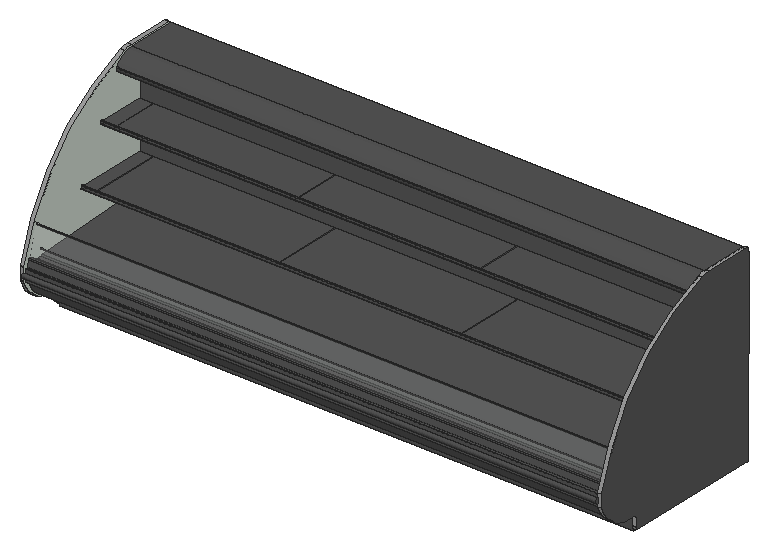
Revit family "E2_2014", category Specialty Equipment, Revit 2014
Parameters (values of type "12'-0" Length")
  Width = 144 3/8"
  Waste Drain Location = if(Width = 48 1/8", 23 7/8", if(Width = 72 1/8", 48 1/16", if(Width = 96 1/4", 71 7/8", if(Width = 144 3/8", 72 1/4", 0"))))  # 72 1/4"
  Waste Drain = 1 1/2"  # constant formula
  URL = "www.hussmann.com"
  Type Comments = "Elite"  # constant formula
  Trim = Stainless Steel
  Total Weight = Case Weight + (2 * End Weight)  # 1100.00 lbf
  Splashguard = Textured Sheet Metal (Steel Painted) - 701 Black
  Side Panel - Right [instance] = yes
  Side Panel - Left [instance] = yes
  Shelves = Sheet Metal (Steel Painted) - 701 Black
  Shelf Lights [instance] = yes
  Shelf [instance] = yes
  Revit Family Date = "05/25/2016"  # constant formula
  Refrigeration Lines Suction = 7/8"  # constant formula
  Refrigeration Lines Liquid = 3/8"  # constant formula
  Refrig. Suction = "Suction"
  Refrig. Liquid = "Liquid"
  Number of Supports = if(Width < 50", 2, if(Width < 100", 3, 4))  # 4
  Number of Shelves = 2  # constant formula
  Note from Manufacturer = "This model only comes in 4'-0\", 6'-0\", 8'-0\", and 12'-0\" lengths."
  Model URL = "http://www.hussmann.com/en/product%20viewer/display-cases/E2,%20E3"
  Model = "E2"  # constant formula
  Manufacturer Disclaimer = "The information in this file is not intended to be an exact representation of the corresponding Hussmann product.  Further, we reserve the right to change or revise specifications and product design in connection with any feature of our products. Such changes do not entitle the buyer to corresponding changes, improvements, additions, or replacements for equipment previously sold or shipped."  # constant formula
  Manufacturer = "Hussmann Corporation"  # constant formula
  Height = 48 3/4"  # constant formula
  Glazing = Glass
  Ends = Textured Sheet Metal (Steel Painted) - 701 Black
  End Weight = 50.00 lbf  # constant formula
  Description = "Self-Serve, Three-Level Display (2 Shelves Plus Bottom Deck)"  # constant formula
  Depth = 46 1/2"  # constant formula
  Cutsheet URL = "http://www.hussmann.com/en/Technical%20Documents/0453526_D_E2.pdf"
  Case Weight = if(Width = 48 1/8", 0.00 lbf, if(Width = 72 1/8", 600.00 lbf, if(Width = 96 1/4", 850.00 lbf, if(Width = 144 3/8", 1000.00 lbf, 0.00 lbf))))  # 1000.00 lbf
  Case Interior - Side Panel = Mirror
  Case Interior - Back Panel = Sheet Metal (Steel Painted) - 701 Black
  Case = Textured Sheet Metal (Steel Painted) - 701 Black
  Bumper = Extruded PVC - 701 Black
  Assembly Code = ""
  Accessories/Options = ""
Types (4): name | Width | Waste Drain Location | Total Weight | Number of Supports | Case Weight
  12'-0" Length | 144 3/8" | 72 1/4" | 1100.00 lbf | 4 | 1000.00 lbf
  8'-0" Length | 96 1/4" | 71 7/8" | 950.00 lbf | 3 | 850.00 lbf
  6'-0" Length | 72 1/8" | 48 1/16" | 700.00 lbf | 3 | 600.00 lbf
  4'-0" Length | 48 1/8" | 23 7/8" | 100.00 lbf | 2 | 0.00 lbf
Reference planes (in)
  plane 1 "Back": y = 0
  plane 2 "Bottom": z = 0
  plane 3 "Top": z = 48.75
  plane 4 "Left": x = -77.30699
  plane 5 "Front": y = -46.5
  plane 6 "Center (Left/Right)": x = -5.11949
  plane 7: x = -78.30699
  plane 8 "Right": x = 67.06801
  plane 9: x = 68.06801
  plane 10: z = 36
  plane 11: z = 24
Forms (in)
  Extrusion 1, solid, material "Metal - Copper"
    sketch origin (63.0625, 1.04319, 0) x (1, 0, 0) y (0, 1, 0)
      loop
        arc (-68.11949, -27.91819) -> (-68.64982, -28.13786) -> (-68.86949, -28.66819) r 0.75
        arc (-68.86949, -28.66819) -> (-68.64982, -29.19852) -> (-68.11949, -29.41819) r 0.75
        arc (-68.11949, -29.41819) -> (-67.58916, -29.19852) -> (-67.36949, -28.66819) r 0.75
        arc (-67.36949, -28.66819) -> (-67.58916, -28.13786) -> (-68.11949, -27.91819) r 0.75
      loop
        circle (-68.11949, -28.66819) r 0.7102
    from 5.423 to 2.937
  Extrusion 2, solid, material "Metal - Copper"
    sketch origin (57.40105, 5, -0.375) x (1, 0, 0) y (0, 1, 0)
      loop
        circle (0.85446, -35.75) r 0.41359
      loop
        circle (0.85446, -35.75) r 0.4375
    from 5.798 to 3.312
  Extrusion 3, solid, material "Metal - Copper"
    sketch origin (59.82608, 5, -0.375) x (1, 0, 0) y (0, 1, 0)
      loop
        circle (-0.94557, -35.75) r 0.17188
      loop
        circle (-0.94557, -35.75) r 0.1875
    from 5.798 to 3.312
  Extrusion 4, solid, material "Sheet Metal (Steel Painted) - 701 Black" <- "Shelves"
    sketch origin (-5.11949, 0, 0) x (0, 1, 0) y (0, 0, 1)
      loop
        line (-40.5277, 14.22713) -> (-40.48501, 13.41115) -> (-9.62922, 15.0257) -> (-9.67192, 15.84168) -> (-40.5277, 14.22713)
    from 72.1875 to -72.1875
  Extrusion 5, solid, material "Glass" <- "Glazing"
    sketch origin (-5.11949, 0, 0) x (0, 1, 0) y (0, 0, 1)
      loop
        line (-44.50959, 12.88862) -> (-44.1932, 14.68294)
        arc (-44.1932, 14.68294) -> (-43.27104, 18.17525) -> (-41.78034, 21.46531) r 21.62056
        arc (-41.78034, 21.46531) -> (-41.87149, 21.7867) -> (-42.19288, 21.69555) r 0.23622
        arc (-42.19288, 21.69555) -> (-43.71615, 18.3336) -> (-44.65846, 14.76498) r 22.093
        line (-44.65846, 14.76498) -> (-44.97485, 12.97066) -> (-44.50959, 12.88862)
      loop
        line (-40.8656, 13.23102) -> (-40.6156, 13.23102) -> (-40.6156, 15.60602)
        arc (-40.6156, 15.60602) -> (-40.7406, 15.73102) -> (-40.8656, 15.60602) r 0.125
        line (-40.8656, 15.60602) -> (-40.8656, 13.23102)
    from 72.1875 to -72.1875
  Extrusion 6, solid, material "Extruded PVC - 701 Black" <- "Bumper"
    sketch origin (-5.11949, 0, 0) x (0, 1, 0) y (0, 0, 1)
      loop
        arc (-45.96459, 12.30251) -> (-46.51809, 11.74901) -> (-45.96459, 11.19551) r 0.5535
        line (-45.96459, 11.19551) -> (-45.67609, 11.19551) -> (-45.67609, 12.30251) -> (-45.96459, 12.30251)
    from 72.1875 to -72.1875
  Extrusion 7, solid, material "Textured Sheet Metal (Steel Painted) - 701 Black" <- "Case"
    sketch origin (-5.11949, 0, 0) x (0, 1, 0) y (0, 0, 1)
      loop
        arc (-44.73721, 10.24862) -> (-41.75268, 5.96635) -> (-36.79912, 4.3209) r 8.279
        line (-36.79912, 4.3209) -> (-36.06134, 4.3209) -> (-36.06134, 4.38714) -> (-36.43529, 4.38714) -> (-36.43529, 4.854) -> (-33.93228, 4.854) -> (-33.93228, 5.326) -> (-33.43228, 5.326) -> (-33.43228, 5.423) -> (-10.24695, 5.423) -> (-3.25, 9.46027) -> (-3.25, 38.237) -> (-0.144, 38.237) -> (-0.144, 37.237) -> (0, 37.237) -> (0, 48.75) -> (-12.24462, 48.75)
        arc (-12.24462, 48.75) -> (-14.91678, 47.9915) -> (-17.01335, 46.16936) r 6.37988
        arc (-17.01335, 46.16936) -> (-17.05888, 46.08426) -> (-17.07827, 45.98971) r 0.335
        arc (-17.07827, 45.98971) -> (-16.89003, 45.25473) -> (-16.31141, 44.764) r 1.25
        arc (-16.31141, 44.764) -> (-16.2591, 44.78552) -> (-16.28063, 44.83784) r 0.04
        arc (-16.28063, 44.83784) -> (-16.54005, 44.98755) -> (-16.75297, 45.19823) r 1.17
        line (-16.75297, 45.19823) -> (-15.61991, 47.16107) -> (-12.19212, 47.16107) -> (-12.19212, 46.30658) -> (-11.03826, 45.15272) -> (-9.63916, 45.4634) -> (-9.36609, 39.631) -> (-9.60228, 39.631) -> (-9.60228, 11.262) -> (-38.9886, 11.262) -> (-38.9886, 12.43402) -> (-38.78944, 12.43402) -> (-38.78944, 13.23102) -> (-40.8656, 13.23102) -> (-40.8656, 13.99702) -> (-42.17486, 13.99702) -> (-42.17486, 14.06002) -> (-44.10112, 15.17215)
        arc (-44.10112, 15.17215) -> (-44.14857, 14.92781) -> (-44.1932, 14.68294) r 21.62056
        line (-44.1932, 14.68294) -> (-44.50959, 12.88862) -> (-44.97485, 12.97066) -> (-44.65846, 14.76498)
        arc (-44.65846, 14.76498) -> (-44.62227, 14.96484) -> (-44.58425, 15.16436) r 22.093
        line (-44.58425, 15.16436) -> (-44.64216, 15.17567)
        arc (-44.64216, 15.17567) -> (-44.68028, 14.97562) -> (-44.71657, 14.77522) r 22.152
        line (-44.71657, 14.77522) -> (-44.98681, 13.24262) -> (-45.58709, 13.24262)
        arc (-45.58709, 13.24262) -> (-45.65002, 13.21655) -> (-45.67609, 13.15362) r 0.089
        line (-45.67609, 13.15362) -> (-45.67609, 10.24862) -> (-44.73721, 10.24862)
    from 72.1875 to -72.1875
  Extrusion 8, solid, material "Textured Sheet Metal (Steel Painted) - 701 Black" <- "Splashguard"
    sketch origin (-5.11949, 0, 0) x (0, 1, 0) y (0, 0, 1)
      loop
        line (-34.62571, 0) -> (-34.07685, 0) -> (-34.07685, 4.28551) -> (-34.28029, 4.28551) -> (-34.28029, 4.854) -> (-34.93629, 4.854) -> (-34.93629, 4.783) -> (-34.35129, 4.783) -> (-34.35129, 4.28551) -> (-34.62571, 4.28551) -> (-34.62571, 0)
      loop
        line (-33.80428, 0) -> (-28.40228, 0) -> (-28.40228, 1.984) -> (-28.94928, 1.984) -> (-28.94928, 0.547) -> (-33.80428, 0.547) -> (-33.80428, 0)
    from 72.1875 to -72.1875
  Extrusion 9, solid, material "Stainless Steel"
    sketch origin (-5.11949, 0, 0) x (0, 1, 0) y (0, 0, 1)
      loop
        line (-7.63528, 2.173) -> (-7.63528, 2.102) -> (-6.76028, 2.102) -> (-6.76028, 0) -> (-4.36828, 0) -> (-4.36828, 2.102) -> (-3.49328, 2.102) -> (-3.49328, 2.173) -> (-4.43928, 2.173) -> (-4.43928, 0.071) -> (-6.68928, 0.071) -> (-6.68928, 2.173) -> (-7.63528, 2.173)
      loop
        line (-29.27728, 2.173) -> (-29.27728, 2.102) -> (-28.40228, 2.102) -> (-28.40228, 0) -> (-26.01028, 0) -> (-26.01028, 2.102) -> (-25.13528, 2.102) -> (-25.13528, 2.173) -> (-26.08128, 2.173) -> (-26.08128, 0.071) -> (-28.33128, 0.071) -> (-28.33128, 2.173) -> (-29.27728, 2.173)
    from 72.1875 to -72.1875
  Extrusion 10, solid, material "Textured Sheet Metal (Steel Painted) - 701 Black" <- "Ends", visible <- "Side Panel - Left"
    sketch origin (-77.30699, 0, 0) x (0, 1, 0) y (0, 0, 1)
      loop
        line (-45.79628, 13.502) -> (-45.79628, 10.376)
        arc (-45.79628, 10.376) -> (-42.5321, 5.84067) -> (-37.22032, 4.106) r 9
        line (-37.22032, 4.106) -> (-35.58528, 4.106)
        arc (-35.58528, 4.106) -> (-35.23173, 3.95955) -> (-35.08528, 3.606) r 0.5
        line (-35.08528, 3.606) -> (-35.08528, 1.255)
        arc (-35.08528, 1.255) -> (-34.93884, 0.90145) -> (-34.58528, 0.755) r 0.5
        line (-34.58528, 0.755) -> (-0.37528, 0.755)
        arc (-0.37528, 0.755) -> (-0.02173, 0.90145) -> (0.12472, 1.255) r 0.5
        line (0.12472, 1.255) -> (0.12472, 1.75492) -> (0.12472, 47.97508) -> (0.12472, 48.475)
        arc (0.12472, 48.475) -> (-0.02173, 48.82855) -> (-0.37528, 48.975) r 0.5
        line (-0.37528, 48.975) -> (-12.09528, 48.975)
        arc (-12.09528, 48.975) -> (-13.18629, 48.84772) -> (-14.24028, 48.53856) r 6.5
        arc (-14.24028, 48.53856) -> (-34.50974, 35.06555) -> (-45.79628, 13.502) r 49
    from 0 to -1
  Extrusion 11, solid, material "Textured Sheet Metal (Steel Painted) - 701 Black" <- "Ends", visible <- "Side Panel - Right"
    sketch origin (67.06801, 0, 0) x (0, 0, 1) y (0, -1, 0)
      loop
        line (13.502, 45.79628) -> (10.376, 45.79628)
        arc (10.376, 45.79628) -> (5.84067, 42.5321) -> (4.106, 37.22032) r 9
        line (4.106, 37.22032) -> (4.106, 35.58528)
        arc (4.106, 35.58528) -> (3.95955, 35.23173) -> (3.606, 35.08528) r 0.5
        line (3.606, 35.08528) -> (1.255, 35.08528)
        arc (1.255, 35.08528) -> (0.90145, 34.93884) -> (0.755, 34.58528) r 0.5
        line (0.755, 34.58528) -> (0.755, 0.37528)
        arc (0.755, 0.37528) -> (0.90145, 0.02173) -> (1.255, -0.12472) r 0.5
        line (1.255, -0.12472) -> (1.75492, -0.12472) -> (47.97508, -0.12472) -> (48.475, -0.12472)
        arc (48.475, -0.12472) -> (48.82855, 0.02173) -> (48.975, 0.37528) r 0.5
        line (48.975, 0.37528) -> (48.975, 12.09528)
        arc (48.975, 12.09528) -> (48.84772, 13.18629) -> (48.53856, 14.24028) r 6.5
        arc (48.53856, 14.24028) -> (35.06555, 34.50974) -> (13.502, 45.79628) r 49
    from 1 to 0
  Extrusion 12, solid, material "Sheet Metal (Steel Painted) - 701 Black" <- "Shelves", visible <- "Shelf"
    sketch origin (-77.30699, 0, 0) x (0, 1, 0) y (0, 0, 1)
      loop
        line (-21.83741, 35.38588) -> (-21.63861, 35.58468) -> (-21.67113, 35.58468) -> (-21.85367, 35.40214)
        arc (-21.85367, 35.40214) -> (-21.87002, 35.39889) -> (-21.87928, 35.41275) r 0.015
        line (-21.87928, 35.41275) -> (-21.87928, 36.058)
        arc (-21.87928, 36.058) -> (-21.81666, 36.13197) -> (-21.73337, 36.08242) r 0.075
        line (-21.73337, 36.08242) -> (-21.70589, 36.00263)
        arc (-21.70589, 36.00263) -> (-21.69203, 35.98406) -> (-21.66997, 35.977) r 0.038
        line (-21.66997, 35.977) -> (-9.83349, 35.977) -> (-9.85649, 36) -> (-21.68067, 36) -> (-21.71162, 36.0899)
        arc (-21.71162, 36.0899) -> (-21.82046, 36.15465) -> (-21.90228, 36.058) r 0.098
        line (-21.90228, 36.058) -> (-21.90228, 35.41275)
        arc (-21.90228, 35.41275) -> (-21.87882, 35.37764) -> (-21.83741, 35.38588) r 0.038
      loop
        line (-27.83741, 23.38588) -> (-27.63861, 23.58468) -> (-27.67113, 23.58468) -> (-27.85367, 23.40214)
        arc (-27.85367, 23.40214) -> (-27.87002, 23.39889) -> (-27.87928, 23.41275) r 0.015
        line (-27.87928, 23.41275) -> (-27.87928, 24.058)
        arc (-27.87928, 24.058) -> (-27.81666, 24.13197) -> (-27.73337, 24.08242) r 0.075
        line (-27.73337, 24.08242) -> (-27.70589, 24.00263)
        arc (-27.70589, 24.00263) -> (-27.69203, 23.98406) -> (-27.66997, 23.977) r 0.038
        line (-27.66997, 23.977) -> (-9.83349, 23.977) -> (-9.85649, 24) -> (-27.68067, 24) -> (-27.71162, 24.0899)
        arc (-27.71162, 24.0899) -> (-27.82046, 24.15465) -> (-27.90228, 24.058) r 0.098
        line (-27.90228, 24.058) -> (-27.90228, 23.41275)
        arc (-27.90228, 23.41275) -> (-27.87882, 23.37764) -> (-27.83741, 23.38588) r 0.038
    from 0 to 144.375
Lines and regions (in)
  reference lines
    curve 1: line (-73.80699, -46.5, 0) -> (-73.80699, 0, 0)
    curve 2: line (-5.05699, -46.5, 0) -> (-5.05699, 0, 0)
    curve 3: line (63.56801, -46.5, 0) -> (63.56801, 0, 0)
    curve 4: line (58.69301, -46.5, 0) -> (58.69301, 0, 0)
    curve 5: line (-77.30699, -27.625, 0) -> (67.06801, -27.625, 0)
    curve 6: line (67.06801, -30.75, 0) -> (-77.30699, -30.75, 0)
Dimensions and locks (in)
  equal spacing: plane 4 "Left", plane 6 "Center (Left/Right)", plane 8 "Right"
  locked: plane 7 to plane 4 "Left" at 1
  "Width": plane 4 "Left" to plane 8 "Right"
  locked: plane 4 "Left" to curve 1 at 3.5
  locked: curve 3 to plane 8 "Right" at 3.5
  "Waste Drain Location": plane 4 "Left" to curve 2
  "Depth": plane 5 "Front" to plane 1 "Back"
  locked: curve 4 to plane 8 "Right" at 8.375
  "Height": plane 3 "Top" to level
  locked: plane 1 "Back" to curve 5 at 27.625
  locked: plane 1 "Back" to curve 6 at 30.75
  locked: plane 8 "Right" to plane 9 at 1
  locked: Extrusion 1 sketch curve to Extrusion 1 sketch curve at 0.0398
  locked: Extrusion 3 sketch curve to Extrusion 3 sketch curve at 0.01562
  locked: Extrusion 2 sketch curve to Extrusion 2 sketch curve at 0.02391
  locked: level to plane 10 at 36
  locked: level to plane 11 at 24
  equal spacing: group 1, group 3, group 4, group 2  (x3)
  "Waste Drain": diameter of Extrusion 1 sketch curve
  "Refrigeration Lines Liquid": diameter of Extrusion 3 sketch curve
  "Refrigeration Lines Suction": diameter of Extrusion 2 sketch curve
  aligned and locked: plane 5 "Front" to curve 2
  aligned and locked: plane 5 "Front" to curve 3
  aligned and locked: plane 5 "Front" to curve 1
  aligned and locked: plane 4 "Left" to curve 5
  aligned and locked: plane 4 "Left" to curve 6
  aligned and locked: plane 8 "Right" to curve 6
  aligned and locked: plane 8 "Right" to curve 5
  aligned and locked: curve 6 to Extrusion 3 sketch curve  (x4)
  aligned and locked: curve 6 to Extrusion 2 sketch curve  (x4)
  aligned and locked: curve 5 to Extrusion 1 sketch curve  (x3)
  aligned and locked: curve 2 to Extrusion 1 sketch curve
  aligned and locked: curve 4 to Extrusion 3 sketch curve
  aligned and locked: curve 4 to Extrusion 2 sketch curve
  aligned and locked: Extrusion 4 to plane 4 "Left"
  aligned and locked: plane 8 "Right" to Extrusion 4
  aligned and locked: Extrusion 5 to plane 4 "Left"
  aligned and locked: plane 8 "Right" to Extrusion 5
  aligned and locked: Extrusion 6 to plane 4 "Left"
  aligned and locked: plane 8 "Right" to Extrusion 6
  aligned and locked: Extrusion 7 to plane 4 "Left"
  aligned and locked: plane 8 "Right" to Extrusion 7
  aligned and locked: Extrusion 8 to plane 4 "Left"
  aligned and locked: plane 8 "Right" to Extrusion 8
  aligned and locked: Extrusion 9 to plane 4 "Left"
  aligned and locked: plane 8 "Right" to Extrusion 9
  aligned and locked: plane 4 "Left" to nested 1
  aligned and locked: plane 4 "Left" to nested 2
  aligned and locked: plane 7 to Extrusion 10
  aligned and locked: plane 4 "Left" to Extrusion 10
  aligned and locked: plane 9 to Extrusion 11
  aligned and locked: Extrusion 11 to plane 8 "Right"
  aligned and locked: Extrusion 7 to nested 3
  aligned and locked: Extrusion 7 to nested 4
  aligned and locked: curve 1 to nested 4
  aligned and locked: curve 1 to nested 3
  aligned and locked: plane 8 "Right" to Extrusion 12
  aligned and locked: Extrusion 12 to plane 4 "Left"
  aligned and locked: curve 3 to nested 6
  aligned and locked: curve 3 to nested 5
  aligned and locked: plane 1 "Back" to nested 7
  aligned and locked: curve 1 to nested 7
  aligned and locked: plane 4 "Left" to nested 9
  aligned and locked: plane 4 "Left" to nested 10
Automatic sketch dimensions
  plane 5 "Front" to Extrusion 4 sketch curve = 5.9723"
  Extrusion 4 sketch curve to Extrusion 4 sketch curve = 0.0427"
  plane 1 "Back" to Extrusion 4 sketch curve = 9.67192"
  level to Extrusion 4 sketch curve = 13.41115"
  Extrusion 4 sketch curve to Extrusion 4 sketch curve = 0.81598"
  Extrusion 5 sketch curve to Extrusion 5 sketch curve = 0"  (x4)
  plane 5 "Front" to Extrusion 5 sketch curve = 1.52515"
  Extrusion 5 sketch curve to Extrusion 5 sketch curve = 81/256"
  plane 5 "Front" to Extrusion 5 sketch curve = 4.51339"
  level to Extrusion 5 sketch curve = 10.92857"
  Extrusion 5 sketch curve to Extrusion 5 sketch curve = 21/256"  (x2)
  Extrusion 5 sketch curve to Extrusion 5 sketch curve = 6.89749"
  Extrusion 5 sketch curve to Extrusion 5 sketch curve = 1/8"
  Extrusion 5 sketch curve to Extrusion 5 sketch curve = 2 3/8"
  Extrusion 5 sketch curve to Extrusion 5 sketch curve = 0.46526"
  Extrusion 5 sketch curve to Extrusion 5 sketch curve = 3.3276"
  Extrusion 5 sketch curve to Extrusion 5 sketch curve = 0.34241"
  Extrusion 5 sketch curve to Extrusion 5 sketch curve = 17.71449"
  level to Extrusion 5 sketch curve = 12.88862"
  plane 5 "Front" to Extrusion 6 sketch curve = 0.53541"
  level to Extrusion 6 sketch curve = 11.19551"
  Extrusion 6 sketch curve to Extrusion 6 sketch curve = 0.5535"
  Extrusion 6 sketch curve to Extrusion 6 sketch curve = 0.2885"
  plane 5 "Front" to Extrusion 7 sketch curve = 1.76279"
  Extrusion 7 sketch curve to Extrusion 7 sketch curve = 7.93809"
  Extrusion 7 sketch curve to Extrusion 7 sketch curve = 2.35128"
  plane 5 "Front" to Extrusion 7 sketch curve = 0.82391"
  Extrusion 7 sketch curve to Extrusion 7 sketch curve = 2.905"
  Extrusion 7 sketch curve to Extrusion 7 sketch curve = 0.089"
  Extrusion 7 sketch curve to Extrusion 7 sketch curve = 0.60029"
  Extrusion 7 sketch curve to Extrusion 7 sketch curve = 0.27024"
  Extrusion 7 sketch curve to Extrusion 7 sketch curve = 1.5326"
  level to Extrusion 7 sketch curve = 10.92857"
  Extrusion 7 sketch curve to Extrusion 7 sketch curve = 0.07441"
  Extrusion 7 sketch curve to Extrusion 7 sketch curve = 0.05791"
  Extrusion 7 sketch curve to Extrusion 7 sketch curve = 0.01131"
  Extrusion 7 sketch curve to Extrusion 7 sketch curve = 0"  (x9)
  Extrusion 7 sketch curve to Extrusion 7 sketch curve = 0.0581"
  Extrusion 7 sketch curve to Extrusion 7 sketch curve = 0.01196"
  Extrusion 7 sketch curve to Extrusion 7 sketch curve = 0.27196"
  Extrusion 7 sketch curve to Extrusion 7 sketch curve = 0.46526"  (x2)
  Extrusion 7 sketch curve to Extrusion 7 sketch curve = 0.48313"
  Extrusion 7 sketch curve to Extrusion 7 sketch curve = 2.01834"
  Extrusion 7 sketch curve to Extrusion 7 sketch curve = 0.62291"
  Extrusion 7 sketch curve to Extrusion 7 sketch curve = 1.30926"
  Extrusion 7 sketch curve to Extrusion 7 sketch curve = 0.063"
  Extrusion 7 sketch curve to Extrusion 7 sketch curve = 0.766"
  Extrusion 7 sketch curve to Extrusion 7 sketch curve = 0.797"
  Extrusion 7 sketch curve to Extrusion 7 sketch curve = 0.19916"
  Extrusion 7 sketch curve to Extrusion 7 sketch curve = 1.17202"
  plane 1 "Back" to Extrusion 7 sketch curve = 9.60228"
  plane 3 "Top" to Extrusion 7 sketch curve = 9.119"
  plane 3 "Top" to Extrusion 7 sketch curve = 3.59728"
  Extrusion 7 sketch curve to Extrusion 7 sketch curve = 1.3991"
  plane 3 "Top" to Extrusion 7 sketch curve = 2.44342"
  Extrusion 7 sketch curve to Extrusion 7 sketch curve = 1.15386"
  Extrusion 7 sketch curve to Extrusion 7 sketch curve = 0.8545"
  Extrusion 7 sketch curve to Extrusion 7 sketch curve = 3.42779"
  plane 3 "Top" to Extrusion 7 sketch curve = 3.55177"
  Extrusion 7 sketch curve to Extrusion 7 sketch curve = 1.13306"
  Extrusion 7 sketch curve to Extrusion 7 sketch curve = 0.92263"
  Extrusion 7 sketch curve to Extrusion 7 sketch curve = 0.71948"
  Extrusion 7 sketch curve to Extrusion 7 sketch curve = 0.47234"
  Extrusion 7 sketch curve to Extrusion 7 sketch curve = 0.01539"  (x2)
  Extrusion 7 sketch curve to Extrusion 7 sketch curve = 0.3253"
  Extrusion 7 sketch curve to Extrusion 7 sketch curve = 0.33444"
  Extrusion 7 sketch curve to Extrusion 7 sketch curve = 0.06492"
  plane 3 "Top" to Extrusion 7 sketch curve = 0"
  Extrusion 7 sketch curve to Extrusion 7 sketch curve = 0.8421"
  Extrusion 7 sketch curve to plane 1 "Back" = 0"
  Extrusion 7 sketch curve to Extrusion 7 sketch curve = 2.394"
  plane 1 "Back" to Extrusion 7 sketch curve = 0.144"
  Extrusion 7 sketch curve to Extrusion 7 sketch curve = 1"
  Extrusion 7 sketch curve to Extrusion 7 sketch curve = 3.106"
  Extrusion 7 sketch curve to Extrusion 7 sketch curve = 3.36684"
  Extrusion 7 sketch curve to Extrusion 7 sketch curve = 1.0051"
  Extrusion 7 sketch curve to Extrusion 7 sketch curve = 1.80173"
  Extrusion 7 sketch curve to Extrusion 7 sketch curve = 1/2"
  Extrusion 7 sketch curve to Extrusion 7 sketch curve = 0.472"
  Extrusion 7 sketch curve to Extrusion 7 sketch curve = 3.003"
  Extrusion 7 sketch curve to Extrusion 7 sketch curve = 0.06624"
  Extrusion 7 sketch curve to Extrusion 7 sketch curve = 0.37395"
  Extrusion 7 sketch curve to Extrusion 7 sketch curve = 10.53118"
  Extrusion 7 sketch curve to Extrusion 7 sketch curve = 0.64467"
  level to Extrusion 7 sketch curve = 5.423"
  Extrusion 7 sketch curve to Extrusion 7 sketch curve = 4.03727"
  Extrusion 7 sketch curve to Extrusion 7 sketch curve = 1.877"
  Extrusion 7 sketch curve to Extrusion 7 sketch curve = 0.2362"
  Extrusion 7 sketch curve to Extrusion 7 sketch curve = 7.15068"
  Extrusion 7 sketch curve to Extrusion 7 sketch curve = 0.31068"
  Extrusion 9 sketch curve to level = 0"  (x2)
  level to Extrusion 9 sketch curve = 2.173"  (x2)
  plane 5 "Front" to Extrusion 9 sketch curve = 17.22272"
  Extrusion 9 sketch curve to Extrusion 9 sketch curve = 7/8"  (x4)
  Extrusion 9 sketch curve to Extrusion 9 sketch curve = 0.071"  (x8)
  Extrusion 9 sketch curve to Extrusion 9 sketch curve = 2 1/4"  (x2)
  plane 1 "Back" to Extrusion 9 sketch curve = 7.63528"
  level to Extrusion 9 sketch curve = 0.071"  (x2)
  Extrusion 9 sketch curve to Extrusion 9 sketch curve = 2.031"
  level to Extrusion 9 sketch curve = 2.102"
  Extrusion 8 sketch curve to level = 0"  (x2)
  level to Extrusion 8 sketch curve = 4.783"
  plane 5 "Front" to Extrusion 8 sketch curve = 11.56371"
  Extrusion 8 sketch curve to Extrusion 8 sketch curve = 0.31058"
  Extrusion 8 sketch curve to Extrusion 8 sketch curve = 0.27442"
  Extrusion 8 sketch curve to Extrusion 8 sketch curve = 0.071"  (x2)
  Extrusion 8 sketch curve to Extrusion 8 sketch curve = 0.54886"
  Extrusion 8 sketch curve to Extrusion 8 sketch curve = 0.27257"
  level to Extrusion 8 sketch curve = 0.547"
  Extrusion 8 sketch curve to Extrusion 8 sketch curve = 4.855"
  Extrusion 8 sketch curve to Extrusion 8 sketch curve = 0.547"
  Extrusion 8 sketch curve to Extrusion 8 sketch curve = 1.437"
  Extrusion 8 sketch curve to Extrusion 8 sketch curve = 0.49749"
  Extrusion 8 sketch curve to Extrusion 8 sketch curve = 0"
  plane 5 "Front" to Extrusion 10 sketch curve = 0.70372"
  Extrusion 10 sketch curve to Extrusion 10 sketch curve = 8.57596"
  Extrusion 10 sketch curve to Extrusion 10 sketch curve = 1.63504"
  Extrusion 10 sketch curve to Extrusion 10 sketch curve = 1/2"  (x2)
  Extrusion 10 sketch curve to plane 3 "Top" = 0.225"
  plane 1 "Back" to Extrusion 10 sketch curve = 12.09528"
  Extrusion 10 sketch curve to Extrusion 10 sketch curve = 0.205"
  plane 1 "Back" to Extrusion 10 sketch curve = 0.37528"  (x2)
  Extrusion 10 sketch curve to plane 1 "Back" = 0.12472"
  Extrusion 10 sketch curve to Extrusion 10 sketch curve = 1.77502"
  Extrusion 10 sketch curve to Extrusion 10 sketch curve = 0.49992"  (x2)
  plane 3 "Top" to Extrusion 10 sketch curve = 6.27177"
  level to Extrusion 10 sketch curve = 13.502"
  Extrusion 10 sketch curve to Extrusion 10 sketch curve = 0.396"
  Extrusion 10 sketch curve to Extrusion 10 sketch curve = 3.126"
  level to Extrusion 10 sketch curve = 2.27302"
  level to Extrusion 10 sketch curve = 1.75492"
  level to Extrusion 11 sketch curve = 0.755"
  Extrusion 11 sketch curve to Extrusion 11 sketch curve = 1/2"  (x3)
  Extrusion 11 sketch curve to plane 1 "Back" = 0.12472"
  Extrusion 11 sketch curve to Extrusion 11 sketch curve = 0.49992"
  Extrusion 11 sketch curve to Extrusion 11 sketch curve = 0.5181"
  Extrusion 11 sketch curve to Extrusion 11 sketch curve = 2.351"
  plane 5 "Front" to Extrusion 11 sketch curve = 0.70372"
  level to Extrusion 11 sketch curve = 10.376"
  Extrusion 11 sketch curve to Extrusion 11 sketch curve = 9"
  Extrusion 11 sketch curve to Extrusion 11 sketch curve = 3.126"
  plane 3 "Top" to Extrusion 11 sketch curve = 6.27177"
  plane 3 "Top" to Extrusion 11 sketch curve = 0.77492"
  plane 3 "Top" to Extrusion 11 sketch curve = 0.275"
  Extrusion 11 sketch curve to plane 3 "Top" = 0.225"
  Extrusion 11 sketch curve to Extrusion 11 sketch curve = 1.77502"
  plane 1 "Back" to Extrusion 11 sketch curve = 11.89028"
  Extrusion 11 sketch curve to Extrusion 11 sketch curve = 0.205"
  Extrusion 11 sketch curve to Extrusion 11 sketch curve = 2.63504"
  Extrusion 12 sketch curve to Extrusion 12 sketch curve = 0"  (x8)
  plane 11 to Extrusion 12 sketch curve = 0"
  plane 10 to Extrusion 12 sketch curve = 0"
  plane 11 to Extrusion 12 sketch curve = 0.58725"
  plane 5 "Front" to Extrusion 12 sketch curve = 18.59772"
  Extrusion 12 sketch curve to Extrusion 12 sketch curve = 0.023"  (x4)
  Extrusion 12 sketch curve to Extrusion 12 sketch curve = 0.015"  (x2)
  plane 11 to Extrusion 12 sketch curve = 0.59786"
  plane 11 to Extrusion 12 sketch curve = 0.61412"
  Extrusion 12 sketch curve to plane 11 = 0.058"
  Extrusion 12 sketch curve to Extrusion 12 sketch curve = 0.075"  (x2)
  Extrusion 12 sketch curve to plane 11 = 0.08242"
  Extrusion 12 sketch curve to plane 11 = 0.0899"
  Extrusion 12 sketch curve to plane 11 = 0.00263"
  Extrusion 12 sketch curve to Extrusion 12 sketch curve = 0.02747"  (x2)
  Extrusion 12 sketch curve to Extrusion 12 sketch curve = 0.02523"  (x2)
  plane 11 to Extrusion 12 sketch curve = 0.41532"
  Extrusion 12 sketch curve to Extrusion 12 sketch curve = 0.18254"  (x3)
  Extrusion 12 sketch curve to Extrusion 12 sketch curve = 0.0107"  (x2)
  Extrusion 12 sketch curve to Extrusion 12 sketch curve = 0.03253"  (x2)
  Extrusion 12 sketch curve to plane 10 = 0.058"
  Extrusion 12 sketch curve to Extrusion 12 sketch curve = 5.80934"
  plane 10 to Extrusion 12 sketch curve = 0.59786"
  Extrusion 12 sketch curve to Extrusion 12 sketch curve = 0.01061"
  plane 10 to Extrusion 12 sketch curve = 0.61412"
  Extrusion 12 sketch curve to plane 10 = 0.08242"
  Extrusion 12 sketch curve to plane 10 = 0.0899"
  Extrusion 12 sketch curve to plane 10 = 0.00263"
  Extrusion 12 sketch curve to Extrusion 12 sketch curve = 17.78212"
  plane 1 "Back" to Extrusion 12 sketch curve = 9.85649"
  plane 10 to Extrusion 12 sketch curve = 0.023"
  plane 11 to Extrusion 12 sketch curve = 0.023"
  Extrusion 1 sketch curve to Extrusion 1 sketch curve = 0"  (x2)
  Extrusion 2 sketch curve to Extrusion 2 sketch curve = 0"
  Extrusion 3 sketch curve to Extrusion 3 sketch curve = 0"
  curve 4 to plane 5 "Front" = 0"
  plane 1 "Back" to curve 4 = 0"
  plane 1 "Back" to curve 1 = 0"
  plane 1 "Back" to curve 3 = 0"
  plane 1 "Back" to curve 2 = 0"
Nested families (in)
  nested 1: "Light" at (-5.30699, -6.42449, -5.33893), type "Light"
    with Length 144 3/8"
  nested 2: "Light" at (-5.30699, -4.42449, -5.33893), type "Light"
    with Length 144 3/8"
  nested 3: "Shelf - E Series" at (-73.93199, -9.60228, 19.08109), visible <- "Shelf", type "18""
    with Depth 18"
  nested 4: "Shelf - E Series" at (-73.93199, -9.60228, 31.08109), visible <- "Shelf", type "12""
  nested 5: "Shelf - E Series" at (63.44301, -9.60228, 19.08109), visible <- "Shelf", type "18""
    with Depth 18"
  nested 6: "Shelf - E Series" at (63.44301, -9.60228, 31.08109), visible <- "Shelf", type "12""
  nested 7: "Cross Member - E Series" at (-72.3125, 0.34772, 0), type "Cross Member - E Series"
  nested 8: "Cross Member - E Series" at (65.0625, 0.34772, 0), type "Cross Member - E Series"
  nested 9: "Light" at (-5.30699, -11.97829, -17.0215), visible <- "Shelf Lights", type "Light"
    with Length 144 3/8"
  nested 10: "Light" at (-5.30699, -17.97829, -29.0215), visible <- "Shelf Lights", type "Light"
    with Length 144 3/8"
  nested 11: "Shelf - E Series" at (-28.14032, -9.60228, 19.08109), visible <- "Shelf", type "18""
    with Depth 18"
  nested 12: "Shelf - E Series" at (-28.14032, -9.60228, 31.08109), visible <- "Shelf", type "12""
  nested 13: "Cross Member - E Series" at (-26.52083, 0.34772, 0), type "Cross Member - E Series"
  nested 14: "Shelf - E Series" at (17.65135, -9.60228, 19.08109), visible <- "Shelf", type "18""
    with Depth 18"
  nested 15: "Shelf - E Series" at (17.65135, -9.60228, 31.08109), visible <- "Shelf", type "12""
  nested 16: "Cross Member - E Series" at (19.27083, 0.34772, 0), type "Cross Member - E Series"
Connectors (in)
  piping at (-5.05699, -27.625, 2.937), diameter 1.5, driven by "Waste Drain"
    settings: on Extrusion 1, index 8, connector inside diameter 1 1/4", connector length 0", flow factor 0, pipe flow 0 GPM, pressure drop 0.00 psi, fitting loss kfactor 0, connector angle 0.00°, fixture units 0, engagement length 0", angle of deflection 0.00°, flow configuration 0, flow direction 0, fitting loss method 0, system type 16, joint type 0, gender type 0, connector reference index -1, connector utility 0, adjustable connector no, is connector primary yes, connector description "1 1/4\""
  piping at (58.25551, -30.75, 2.937), diameter 0.875, driven by "Refrig. Suction", driven by "Refrigeration Lines Suction"
    settings: on Extrusion 2, index 9, connector inside diameter 7/8", connector length 0", flow factor 0, pipe flow 0 GPM, pressure drop 0.00 psi, fitting loss kfactor 0, connector angle 0.00°, fixture units 0, engagement length 0", angle of deflection 0.00°, flow configuration 0, flow direction 2, fitting loss method 0, system type 22, joint type 0, gender type 0, connector reference index -1, connector utility 0, adjustable connector no, is connector primary no, connector description "Suction"
  piping at (58.88051, -30.75, 2.937), diameter 0.375, driven by "Refrig. Liquid", driven by "Refrigeration Lines Liquid"
    settings: on Extrusion 3, index 10, connector inside diameter 3/8", connector length 0", flow factor 0, pipe flow 0 GPM, pressure drop 0.00 psi, fitting loss kfactor 0, connector angle 0.00°, fixture units 0, engagement length 0", angle of deflection 0.00°, flow configuration 0, flow direction 1, fitting loss method 0, system type 22, joint type 0, gender type 0, connector reference index -1, connector utility 0, adjustable connector no, is connector primary no, connector description "Liquid"
Definition of nested family "Shelf - E Series"
  Parameters (values of type "18"")
    Width = 1/4"
    Shelf Bracket = Sheet Metal (Steel Painted) - 701 Black
    Height = 4.89591"
    Depth = 12"
  Types (2): name
    18"
    12"
  Reference planes (in)
    plane 1 "Back": y = 0
    plane 2: z = 0
    plane 3 "Left": x = 0
    plane 4 "Front": y = -12
    plane 5 "Right": x = 0.25
    plane 6: z = 4.89591
    plane 7 "Center (Left/Right)": x = 0.125
  Forms (in)
    Extrusion 1, solid, material "Sheet Metal (Steel Painted) - 701 Black" <- "Shelf Bracket"
      sketch origin (0, 0, 0) x (0, 1, 0) y (0, 0, 1)
        loop
          line (0.07326, 0.26836) -> (0.18143, 0.26875)
          arc (0.18143, 0.26875) -> (0.3025, 0.36199) -> (0.24317, 0.50282) r 0.12517
          line (0.24317, 0.50282) -> (-0.04494, 0.66605)
          arc (-0.04494, 0.66605) -> (-0.07187, 0.69679) -> (-0.07382, 0.7376) r 0.062
          line (-0.07382, 0.7376) -> (0.10406, 1.33811) -> (0.09305, 2.59922) -> (0.01772, 3.20416)
          arc (0.01772, 3.20416) -> (0.03288, 3.25348) -> (0.07981, 3.27494) r 0.063
          line (0.07981, 3.27494) -> (0.15806, 3.27547) -> (0.15929, 3.09434) -> (0.56271, 3.06679) -> (0.68212, 3.03122) -> (0.63408, 2.86666) -> (1.2983, 2.73359) -> (1.40516, 2.66752) -> (1.32096, 2.53134) -> (1.94726, 2.21454) -> (2.03229, 2.12435) -> (1.91623, 2.01494)
          arc (1.91623, 2.01494) -> (2.32601, 2.00181) -> (2.34025, 2.41156) r 0.2903
          arc (2.34025, 2.41156) -> (1.62913, 3.00885) -> (0.79406, 3.41517) r 3.78823
          arc (0.79406, 3.41517) -> (0.76115, 3.40549) -> (0.74067, 3.43301) r 0.03
          arc (0.74067, 3.43301) -> (0.42541, 3.52091) -> (0.10373, 3.58126) r 3.78823
          arc (0.10373, 3.58126) -> (0.02969, 3.62316) -> (-0.00038, 3.70274) r 0.125
          line (-0.00038, 3.70274) -> (-0.01867, 4.21036)
          arc (-0.01867, 4.21036) -> (-0.00134, 4.25606) -> (0.04347, 4.27562) r 0.063
          line (0.04347, 4.27562) -> (0.14916, 4.277) -> (0.15148, 4.09933) -> (0.8496, 4.03037) -> (0.96839, 3.99481) -> (0.92223, 3.84061) -> (1.16715, 3.78222)
          arc (1.16715, 3.78222) -> (1.31884, 3.92198) -> (1.24674, 4.11523) r 0.18489
          arc (1.24674, 4.11523) -> (0.5579, 4.49791) -> (-0.2, 4.71364) r 3.43695
          arc (-0.2, 4.71364) -> (-0.21607, 4.71919) -> (-0.23121, 4.72694) r 0.121
          line (-0.23121, 4.72694) -> (-0.23121, 4.89591) -> (-12, 4.89591) -> (-12, 4.52233)
          spline (-12, 4.52233) -> (-11.99893, 4.50603) -> (-11.99574, 4.49) -> (-11.99049, 4.47453) -> (-11.98325, 4.45987) -> (-11.97417, 4.44628) -> (-11.96339, 4.434) -> (-11.9511, 4.42322) -> (-11.9375, 4.41415) -> (-11.92284, 4.40692) -> (-11.90735, 4.40167) -> (-11.89132, 4.39848) -> (-11.875, 4.39741)
          line (-11.875, 4.39741) -> (-10.09303, 4.39741)
          spline (-10.09303, 4.39741) -> (-10.07672, 4.39634) -> (-10.06068, 4.39315) -> (-10.0452, 4.3879) -> (-10.03053, 4.38067) -> (-10.01694, 4.37159) -> (-10.00465, 4.36082) -> (-9.99387, 4.34853) -> (-9.98478, 4.33495) -> (-9.97755, 4.32029) -> (-9.9723, 4.30482) -> (-9.96911, 4.28879) -> (-9.96804, 4.27249)
          line (-9.96804, 4.27249) -> (-9.96804, 3.92271)
          spline (-9.96804, 3.92271) -> (-9.96697, 3.9064) -> (-9.96378, 3.89037) -> (-9.95852, 3.8749) -> (-9.95129, 3.86025) -> (-9.94221, 3.84666) -> (-9.93142, 3.83437) -> (-9.91913, 3.8236) -> (-9.90554, 3.81452) -> (-9.89087, 3.80729) -> (-9.87539, 3.80204) -> (-9.85935, 3.79885) -> (-9.84304, 3.79779)
          line (-9.84304, 3.79779) -> (-3.71618, 3.79779)
          arc (-3.71618, 3.79779) -> (-2.98005, 3.43429) -> (-2.45199, 2.80567) r 1.99996
          line (-2.45199, 2.80567) -> (-1.47212, 0.97726)
          arc (-1.47212, 0.97726) -> (-1.05125, 0.43902) -> (-0.47377, 0.07386) r 1.99996
          line (-0.47377, 0.07386) -> (-0.29521, 0) -> (-0.24369, 0.17221) -> (0.07446, 0.09812) -> (0.07326, 0.26836)
      from 0 to 0.25
  Dimensions and locks (in)
    "Depth": plane 4 "Front" to plane 1 "Back"
    locked: Extrusion 1 sketch curve to plane 1 "Back" at 3.71618
    locked: plane 4 "Front" to Extrusion 1 sketch curve at 2.03196
    "Width": plane 5 "Right" to plane 3 "Left"
    "Height": plane 6 to level
    equal spacing: plane 3 "Left", plane 7 "Center (Left/Right)", plane 5 "Right"
    aligned and locked: plane 2 to level
    aligned and locked: Extrusion 1 to plane 3 "Left"
    aligned and locked: plane 5 "Right" to Extrusion 1
    aligned and locked: Extrusion 1 sketch curve to plane 4 "Front"
  Automatic sketch dimensions
    Extrusion 1 sketch curve to Extrusion 1 sketch curve = 0"  (x2)
    Extrusion 1 sketch curve to level = 0"
    Extrusion 1 sketch curve to plane 4 "Front" = 1/8"
    Extrusion 1 sketch curve to Extrusion 1 sketch curve = 1/8"  (x2)
    Extrusion 1 sketch curve to Extrusion 1 sketch curve = 0.49859"
    Extrusion 1 sketch curve to Extrusion 1 sketch curve = 1.26419"
    plane 1 "Back" to Extrusion 1 sketch curve = 1.47212"
    plane 1 "Back" to Extrusion 1 sketch curve = 0.75578"
    level to Extrusion 1 sketch curve = 0.07386"
    plane 1 "Back" to Extrusion 1 sketch curve = 0.47377"
    Extrusion 1 sketch curve to Extrusion 1 sketch curve = 0.0404"
    Extrusion 1 sketch curve to Extrusion 1 sketch curve = 0.17856"
    Extrusion 1 sketch curve to Extrusion 1 sketch curve = 0.05152"
    plane 1 "Back" to Extrusion 1 sketch curve = 0.07382"
    plane 1 "Back" to Extrusion 1 sketch curve = 0.04494"
    plane 1 "Back" to Extrusion 1 sketch curve = 0.01867"
    plane 1 "Back" to Extrusion 1 sketch curve = 0.01438"
    plane 1 "Back" to Extrusion 1 sketch curve = 0.00038"
    Extrusion 1 sketch curve to plane 1 "Back" = 0.01772"
    Extrusion 1 sketch curve to plane 1 "Back" = 0.04347"
    Extrusion 1 sketch curve to plane 1 "Back" = 0.04429"
    Extrusion 1 sketch curve to plane 1 "Back" = 0.07326"
    Extrusion 1 sketch curve to plane 1 "Back" = 0.07446"
    Extrusion 1 sketch curve to plane 1 "Back" = 0.07981"
    Extrusion 1 sketch curve to Extrusion 1 sketch curve = 1/16"
    Extrusion 1 sketch curve to plane 1 "Back" = 0.09305"
    Extrusion 1 sketch curve to plane 1 "Back" = 0.10406"
    Extrusion 1 sketch curve to plane 1 "Back" = 0.1246"
    Extrusion 1 sketch curve to Extrusion 1 sketch curve = 0.10569"
    Extrusion 1 sketch curve to plane 1 "Back" = 0.15148"
    Extrusion 1 sketch curve to Extrusion 1 sketch curve = 0.07825"
    Extrusion 1 sketch curve to Extrusion 1 sketch curve = 0.07905"
    Extrusion 1 sketch curve to Extrusion 1 sketch curve = 0.10816"
    Extrusion 1 sketch curve to Extrusion 1 sketch curve = 0.00004"
    Extrusion 1 sketch curve to Extrusion 1 sketch curve = 0.0617"
    Extrusion 1 sketch curve to plane 1 "Back" = 0.29066"
    Extrusion 1 sketch curve to Extrusion 1 sketch curve = 0.40342"
    Extrusion 1 sketch curve to Extrusion 1 sketch curve = 0.07136"
    Extrusion 1 sketch curve to Extrusion 1 sketch curve = 0.11941"
    Extrusion 1 sketch curve to Extrusion 1 sketch curve = 0.08854"
    Extrusion 1 sketch curve to Extrusion 1 sketch curve = 0.07895"
    Extrusion 1 sketch curve to Extrusion 1 sketch curve = 0.07263"
    Extrusion 1 sketch curve to Extrusion 1 sketch curve = 0.11879"
    Extrusion 1 sketch curve to Extrusion 1 sketch curve = 0.17062"
    Extrusion 1 sketch curve to Extrusion 1 sketch curve = 0.02814"
    Extrusion 1 sketch curve to Extrusion 1 sketch curve = 0.66423"
    Extrusion 1 sketch curve to Extrusion 1 sketch curve = 0.02266"
    Extrusion 1 sketch curve to Extrusion 1 sketch curve = 0.10686"
    Extrusion 1 sketch curve to Extrusion 1 sketch curve = 0.59526"
    Extrusion 1 sketch curve to Extrusion 1 sketch curve = 0.03103"
    Extrusion 1 sketch curve to Extrusion 1 sketch curve = 0.08503"
    Extrusion 1 sketch curve to Extrusion 1 sketch curve = 0.09542"
    Extrusion 1 sketch curve to level = 0.16869"
    level to Extrusion 1 sketch curve = 0.09812"
    level to Extrusion 1 sketch curve = 0.17221"
    Extrusion 1 sketch curve to Extrusion 1 sketch curve = 0.17024"
    Extrusion 1 sketch curve to Extrusion 1 sketch curve = 0.00039"
    Extrusion 1 sketch curve to Extrusion 1 sketch curve = 0.12517"
    Extrusion 1 sketch curve to Extrusion 1 sketch curve = 0.16323"
    Extrusion 1 sketch curve to Extrusion 1 sketch curve = 0.05394"
    level to Extrusion 1 sketch curve = 0.97726"
    Extrusion 1 sketch curve to Extrusion 1 sketch curve = 0.34466"
    Extrusion 1 sketch curve to Extrusion 1 sketch curve = 0.58386"
    level to Extrusion 1 sketch curve = 1.86097"
    Extrusion 1 sketch curve to Extrusion 1 sketch curve = 0.09298"
    Extrusion 1 sketch curve to Extrusion 1 sketch curve = 0.1094"
    Extrusion 1 sketch curve to Extrusion 1 sketch curve = 0.08948"
    Extrusion 1 sketch curve to Extrusion 1 sketch curve = 0.09019"
    Extrusion 1 sketch curve to Extrusion 1 sketch curve = 0.3168"
    Extrusion 1 sketch curve to Extrusion 1 sketch curve = 0.67726"
    Extrusion 1 sketch curve to Extrusion 1 sketch curve = 0.13618"
    Extrusion 1 sketch curve to Extrusion 1 sketch curve = 0.06608"
    Extrusion 1 sketch curve to Extrusion 1 sketch curve = 0.9447"
    Extrusion 1 sketch curve to Extrusion 1 sketch curve = 0.26744"
    Extrusion 1 sketch curve to Extrusion 1 sketch curve = 0.16455"
    Extrusion 1 sketch curve to Extrusion 1 sketch curve = 0.03558"
    Extrusion 1 sketch curve to Extrusion 1 sketch curve = 0.02755"
    Extrusion 1 sketch curve to Extrusion 1 sketch curve = 0.10981"
    Extrusion 1 sketch curve to Extrusion 1 sketch curve = 0.00778"
    Extrusion 1 sketch curve to Extrusion 1 sketch curve = 0.40272"
    Extrusion 1 sketch curve to Extrusion 1 sketch curve = 0.4278"
    Extrusion 1 sketch curve to Extrusion 1 sketch curve = 0.00177"
    Extrusion 1 sketch curve to Extrusion 1 sketch curve = 0.34828"
    Extrusion 1 sketch curve to Extrusion 1 sketch curve = 0.0584"
    Extrusion 1 sketch curve to Extrusion 1 sketch curve = 0.18274"
    Extrusion 1 sketch curve to Extrusion 1 sketch curve = 0.15419"
    Extrusion 1 sketch curve to Extrusion 1 sketch curve = 0.03556"
    Extrusion 1 sketch curve to Extrusion 1 sketch curve = 0.39482"
    Extrusion 1 sketch curve to Extrusion 1 sketch curve = 0.11103"
    Extrusion 1 sketch curve to Extrusion 1 sketch curve = 0.00227"
    Extrusion 1 sketch curve to Extrusion 1 sketch curve = 0.4747"
    Extrusion 1 sketch curve to Extrusion 1 sketch curve = 0.0312"
    Extrusion 1 sketch curve to plane 1 "Back" = 0.10373"
    Extrusion 1 sketch curve to Extrusion 1 sketch curve = 0.02999"
    Extrusion 1 sketch curve to Extrusion 1 sketch curve = 0.0234"
    Extrusion 1 sketch curve to Extrusion 1 sketch curve = 0.12492"  (x3)
    Extrusion 1 sketch curve to plane 6 = 0"
    plane 1 "Back" to Extrusion 1 sketch curve = 0.23121"
    Extrusion 1 sketch curve to Extrusion 1 sketch curve = 0.06258"
    Extrusion 1 sketch curve to Extrusion 1 sketch curve = 0.16897"
    Extrusion 1 sketch curve to plane 6 = 0.06541"
Definition of nested family "Cross Member - E Series"
  Parameters (values of type "Cross Member - E Series")
    Width = 1 1/2"
    URL = "www.hussmann.com"
    Type Comments = ""
    Revit Family Date = "06/25/2015"
    Model = ""
    Manufacturer = "Hussmann Corporation"
    Height = 29.392"
    Floor Support = none
    Description = ""
    Depth = 29.27728"
    Assembly Code = ""
    Accessories/Options = ""
  Reference planes (in)
    plane 1 "Back": y = -0.34772
    plane 2 "Bottom": z = 0
    plane 3 "Top": z = 29.392
    plane 4 "Left": x = -2.24449
    plane 5 "Right": x = -0.74449
    plane 6 "Front": y = -29.625
    plane 7 "Center (Left/Right)": x = -1.49449
    plane 8: z = 2.173
  Forms (in)
    Extrusion 1, solid, material <- "Floor Support"
      sketch origin (-1.49449, 0, 0) x (0, 1, 0) y (0, 0, 1)
        loop
          line (-0.34772, 2.173) -> (-0.34772, 29.392) -> (-3.59772, 29.392) -> (-3.59772, 5.423) -> (-29.625, 5.423) -> (-29.625, 2.173) -> (-0.34772, 2.173)
      from -0.75 to 0.75
  Dimensions and locks (in)
    equal spacing: plane 4 "Left", plane 7 "Center (Left/Right)", plane 5 "Right"
    "Width": plane 4 "Left" to plane 5 "Right"
    "Depth": plane 6 "Front" to plane 1 "Back"
    "Height": plane 3 "Top" to level
    locked: plane 8 to level at 2.173
    locked: plane 8 to Extrusion 1 sketch curve at 3.25
    locked: plane 1 "Back" to Extrusion 1 sketch curve at 3.25
    aligned and locked: plane 8 to Extrusion 1  (x2)
    aligned and locked: Extrusion 1 to plane 1 "Back"  (x2)
    aligned and locked: Extrusion 1 to plane 6 "Front"  (x2)
    aligned and locked: Extrusion 1 to plane 4 "Left"
    aligned and locked: plane 5 "Right" to Extrusion 1
    aligned and locked: plane 3 "Top" to Extrusion 1 sketch curve
    aligned and locked: Extrusion 1 to plane 3 "Top"
  Automatic sketch dimensions
    Extrusion 1 sketch curve to plane 6 "Front" = 0"
    Extrusion 1 sketch curve to plane 1 "Back" = 0"
    plane 8 to Extrusion 1 sketch curve = 0"
Definition of nested family "Light"
  Parameters (values of type "Light")
    Wattage = 16.1571 W
    built-in parameter 1150110 = 1 (stored number, unit not read)
    built-in parameter 1114217 = 1 (stored number, unit not read)
    built-in parameter 1150109 = 1 (stored number, unit not read)
    built-in parameter 1150134 = (empty or 0)
    built-in parameter 1150113 = 1 (stored number, unit not read)
    Lumens = 2400 lm
    built-in parameter 1150115 = 1 (stored number, unit not read)
    built-in parameter 1150105 = 763.94 (stored number, unit not read)
    Light Source Symbol Size = 24"
    built-in parameter 1150137 = (empty or 0)
    built-in parameter 1150139 = (empty or 0)
    Lense = none
    Length = 144"
    built-in parameter 1150112 = 1 (stored number, unit not read)
    built-in parameter 1150114 = 1 (stored number, unit not read)
    built-in parameter 1150132 = 2
    built-in parameter 1150102 = (empty or 0)
    built-in parameter 1150138 = (empty or 0)
    built-in parameter 1150107 = 6100 (stored number, unit not read)
    built-in parameter 1150106 = 7.6394 (stored number, unit not read)
    Emit from Line Length = Length  # 144"
    built-in parameter 1150104 = 13.8 (stored number, unit not read)
    Dimming Lamp Color Temperature Shift = (empty or 0)
    Color Filter = 16777215
    Casing = none
    built-in parameter 1114218 = 1 (stored number, unit not read)
    built-in parameter 1150133 = 10 (stored number, unit not read)
  Reference planes (in)
    plane 1 "Light Source Axis (F/B)": y = -8.60801
    plane 2: z = 0
    plane 3 "Light Source Axis (L/R)": x = 0
    plane 4 "Light Source Elevation": z = 52.5
    plane 5: z = 0
    plane 6 "Left": x = -72
    plane 7 "Right": x = 72
  Lines and regions (in)
    model lines
      curve 1: line (-72, -8.60801, 52.5) -> (72, -8.60801, 52.5)
  Dimensions and locks (in)
    equal spacing: plane 7 "Right", plane 3 "Light Source Axis (L/R)", plane 6 "Left"
    "Length": plane 7 "Right" to plane 6 "Left"
    aligned and locked: plane 3 "Light Source Axis (L/R)" to imposter light
    aligned and locked: plane 1 "Light Source Axis (F/B)" to imposter light
    aligned and locked: plane 4 "Light Source Elevation" to imposter light
    aligned and locked: level to plane 5
  Automatic sketch dimensions
    plane 1 "Light Source Axis (F/B)" to curve 1 = 0"
    curve 1 to plane 6 "Left" = 0"
    curve 1 to plane 7 "Right" = 0"
